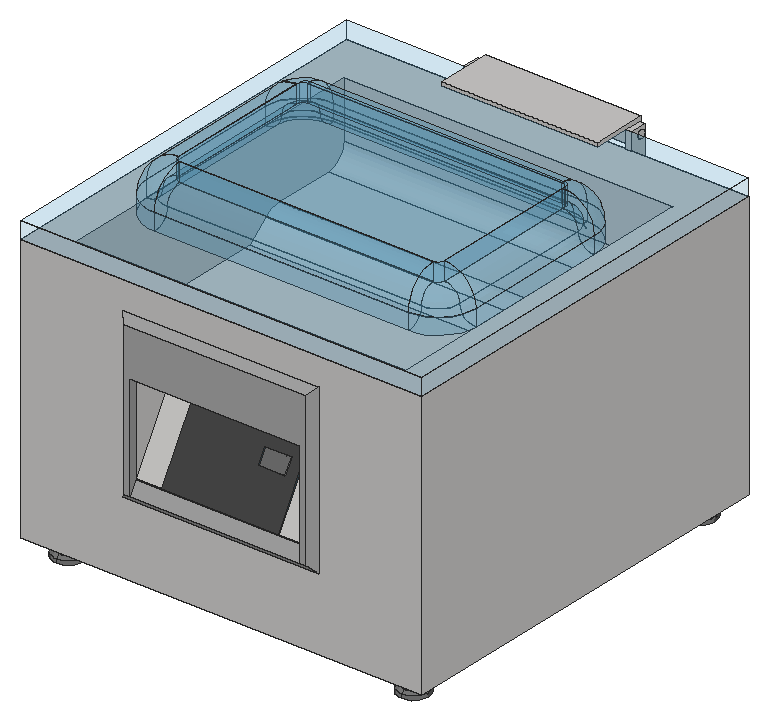
Revit family "QF_ELECTROLUXPROFESSIONAL_602213_EVP16D", category Specialty Equipment, Revit 2018
Family settings
  Round Connector Dimension = Use Diameter
  Part Type = Normal
  Work Plane-Based = No
  Always vertical = Yes
  Cut with Voids When Loaded = No
  Shared = No
  Room Calculation Point = No
Parameters (values of type "Standard")
  Weight = 61.00 kg
  Watts = 0 W
  Volts = 220 V
  URL Manufacturer = "https://www.electroluxprofessional.com/"
  URL = "https://www.electroluxprofessional.com/"
  Steam Supply Size = 0 mm
  Steam Supply Minimum Pressure = 0.0 Pa
  Steam Supply Maximum Pressure = 0.0 Pa
  Steam Pounds per Hour = 0
  Refrigeration Suction Line Size = 0.0 mm
  Refrigeration Liquid Line Size = 0.0 mm
  Refrigerant Compressor Remote = yes
  Manufacturer = "Electrolux Professional"
  Phase = 1
  Model = "EVP16D"
  Length Actual = 531.0 mm  # constant formula
  Item Number = "602213"
  Hot Water Size = 0 mm
  Height Actual = 440.0 mm  # constant formula
  HP = "1.1 HP"
  Gas Size = 0 mm
  Gas KW = 0
  Gas Input Pressure = 0 W
  Direct Waste Size = 0 mm
  Description = "VACUUM PACKER 16 M3/H, TABLE TOP, DIGITAL DISPLAY - UK PLUG"
  Depth Actual = 594.0 mm  # constant formula
  Cycle = 50 Hz
  Condensate Return Size = 0 mm
  Compressed Air Volume = 0.0 L/s
  Compressed Air Size = 0 mm
  Compressed Air Pressure = 0.0 Pa
  Cold Water Size = 0 mm
  Accessory = yes
Reference planes
  plane 1 "Center (Front/Back)": y = 0
  plane 2: z = 0
  plane 3 "Center (Left/Right)": x = 0
  plane 4 "LEFT": x = -265.5
  plane 5 "RIGHT": x = 265.5
  plane 6 "FRONT": y = -285
  plane 7 "Feet": z = 923
  plane 8 "TOP": z = 1340
  plane 9 "FeetY_Left": x = -228.5
  plane 10 "FeetX_Back": y = 232.5
  plane 11 "FeetX_Front": y = -241.5
  plane 12 "FeetY_Right": x = 228.5
  plane 13 "Cover": z = 1299
  plane 14 "PANEL": through (0, -188.368, 1191.413) normal (0, -0.8594, 0.5113)
  plane 15 "Pipe": y = 309
  plane 16 "PipeX": x = -194.407
  plane 17 "Open_MaxHeight": z = 1730
  plane 18: z = 900
  plane 19 "BACK": y = 292
Forms (mm)
  Revolve 1, solid, material "QF_Finishes_Rubber Black"
    sketch origin (-228.5, -374, 900) x (0, 1, 0) y (0, 0, 1)
      loop
        line (132.5, 0) -> (132.5, 23) -> (118.459, 23) -> (118.459, 8) -> (112.5, 5) -> (112.5, 0) -> (132.5, 0)
      axis (132.5, 23) -> (132.5, 0)
    angle from 0 to 360
  Revolve 2, solid, material "QF_Finishes_Rubber Black"
    sketch origin (228.5, 0, 900) x (0, 1, 0) y (0, 0, 1)
      loop
        line (-241.5, 0) -> (-241.5, 23) -> (-255.541, 23) -> (-255.541, 8) -> (-261.5, 5) -> (-261.5, 0) -> (-241.5, 0)
      axis (-241.5, 23) -> (-241.5, 0)
    angle from 0 to 360
  Revolve 3, solid, material "QF_Finishes_Rubber Black"
    sketch origin (-228.5, 0, 900) x (0, 1, 0) y (0, 0, 1)
      loop
        line (232.5, 0) -> (232.5, 23) -> (218.459, 23) -> (218.459, 8) -> (212.5, 5) -> (212.5, 0) -> (232.5, 0)
      axis (232.5, 23) -> (232.5, 0)
    angle from 0 to 360
  Revolve 4, solid, material "QF_Finishes_Rubber Black"
    sketch origin (228.5, 374, 900) x (0, 1, 0) y (0, 0, 1)
      loop
        line (-141.5, 0) -> (-141.5, 23) -> (-155.541, 23) -> (-155.541, 8) -> (-161.5, 5) -> (-161.5, 0) -> (-141.5, 0)
      axis (-141.5, 23) -> (-141.5, 0)
    angle from 0 to 360
  Extrusion 5, solid, material "QF_Finishes_Stainless Steel"
    sketch origin (0, 0, 0) x (1, 0, 0) y (0, 1, 0)
      loop
        line (-265.5, -275) -> (265.5, -275) -> (265.5, 266) -> (-265.5, 266) -> (-265.5, -275)
    from 923 to 1276.075
  Sweep 6, solid, material "Glass"
    path origin (-10, 20, 1299) x (-1, 0, 0) y (0, -1, 0)
      loop
        arc (158, -101.5) -> (193.355, -86.855) -> (208, -51.5) r 50
        line (208, -51.5) -> (208, 144.476)
        arc (208, 144.476) -> (193.355, 179.831) -> (158, 194.476) r 50
        line (158, 194.476) -> (-178, 194.476)
        arc (-178, 194.476) -> (-213.355, 179.831) -> (-228, 144.476) r 50
        line (-228, 144.476) -> (-228, -51.5)
        arc (-228, -51.5) -> (-213.355, -86.855) -> (-178, -101.5) r 50
        line (-178, -101.5) -> (158, -101.5)
    profile origin (0, 121.5, 1299) x (0, 1, 0) y (0, 0, 1)
      loop
        line (0.024, -22.925) -> (0.024, -0.972)
        arc (0.024, -0.972) -> (-12.266, 28.699) -> (-41.936, 40.989) r 41.96
        line (-41.936, 40.989) -> (-41.936, 16.929)
        arc (-41.936, 16.929) -> (-27.767, 11.06) -> (-21.898, -3.109) r 20.038
        arc (-21.898, -3.109) -> (-15.074, -17.594) -> (0.024, -22.925) r 20.778
  Extrusion 7, void
    sketch origin (0, 0, 0) x (0, 1, 0) y (0, 0, 1)
      loop
        line (200.533, 1276) -> (-242, 1276) -> (-242, 1201.071)
        arc (-242, 1201.071) -> (-235.996, 1186.575) -> (-221.5, 1180.571) r 20.5
        line (-221.5, 1180.571) -> (-141.413, 1180.571)
        arc (-141.413, 1180.571) -> (-130.662, 1178.578) -> (-121.339, 1172.865) r 30
        line (-121.339, 1172.865) -> (-91.502, 1146) -> (45.689, 1146) -> (72.68, 1167.284)
        arc (72.68, 1167.284) -> (82.412, 1173.787) -> (93.893, 1176.071) r 30
        line (93.893, 1176.071) -> (175.533, 1176.071)
        arc (175.533, 1176.071) -> (193.211, 1183.393) -> (200.533, 1201.071) r 25
        line (200.533, 1201.071) -> (200.533, 1276)
    from -218.024 to 218.024
  Blend 8, solid, material "QF_Finishes_Gray"
    base sketch origin (0, -285, 0) x (-1, 0, 0) y (0, 0, 1)
      loop
        line (-130, 1240.464) -> (-130, 1019) -> (130, 1019) -> (130, 1240.464) -> (-130, 1240.464)
    top sketch origin (0, -285, 0) x (-1, 0, 0) y (0, 0, 1)
      loop
        line (-120, 1230.464) -> (-120, 1029) -> (120, 1029) -> (120, 1230.464) -> (-120, 1230.464)
    from 10 to 0
  Extrusion 9, void
    sketch origin (0, 0, 21.423) x (0, 1, 0) y (0, 0, 1)
      loop
        line (-285, 1007.577) -> (-223.603, 1110.77) -> (-285, 1147.299) -> (-285, 1007.577)
    from -113 to 113
  Extrusion 10, solid, material "QF_Finishes_Stainless Steel"
    sketch origin (0, 0, 0) x (0, 1, 0) y (0, 0, 1)
      loop
        line (266, 1227.492) -> (288.413, 1227.492) -> (288.413, 1299) -> (266, 1299) -> (266, 1227.492)
    from -103 to -111
  Extrusion 11, solid, material "QF_Finishes_Stainless Steel"
    sketch origin (0, 7, 0) x (0, 1, 0) y (0, 0, 1)
      loop
        line (212.5, 1299) -> (266, 1299) -> (266, 1277.306) -> (285, 1277.306) -> (285, 1304) -> (212.5, 1304) -> (212.5, 1299)
      loop
        circle (273, 1290.774) r 5
    from -103 to 103
  Extrusion 12, solid, material "QF_Finishes_Stainless Steel"
    sketch origin (0, 7, 0) x (0, 1, 0) y (0, 0, 1)
      loop
        circle (273, 1290.774) r 5
    from 111 to 112.734
  Extrusion 13, solid, material "QF_Finishes_Stainless Steel"
    sketch origin (0, 7, 0) x (0, 1, 0) y (0, 0, -1)
      loop
        circle (273, -1290.774) r 5
    from 111 to 113.286
  Extrusion 14, solid, material "QF_Finishes_Stainless Steel"
    sketch origin (0, 0, 0) x (0, 1, 0) y (0, 0, 1)
      loop
        line (266, 1227.492) -> (288.413, 1227.492) -> (288.413, 1299) -> (266, 1299) -> (266, 1227.492)
    from 103 to 111
  Extrusion 15, solid, material "QF_Finishes_Stainless Steel"
    sketch origin (0, 285, 0) x (-1, 0, 0) y (0, 0, 1)
      loop
        circle (-235.5, 933) r 8
    from -19 to -17.4
  Sweep 16, solid, material "QF_Finishes_Stainless Steel"
    path origin (-194.407, 0, 45) x (0, -1, 0) y (0, 0, 1)
      loop
        line (-300.5, 1133.544) -> (-300.5, 1118.544)
        arc (-300.5, 1118.544) -> (-297.571, 1111.473) -> (-290.5, 1108.544) r 10
        line (-290.5, 1108.544) -> (-266, 1108.544)
    profile origin (-194.407, 300.5, 1171.044) x (-1, 0, 0) y (0, -1, 0)
      loop
        circle (0, 0) r 8.5
      loop
        circle (0, 0) r 7
  Extrusion 17, solid, material "Glass"
    sketch origin (-10, 20, 1299) x (-1, 0, 0) y (0, -1, 0)
      loop
        line (166.024, -56) -> (166.024, 144.476)
        arc (166.024, 144.476) -> (163.662, 150.178) -> (157.96, 152.54) r 8.064
        line (157.96, 152.54) -> (-177.96, 152.54)
        arc (-177.96, 152.54) -> (-183.662, 150.178) -> (-186.024, 144.476) r 8.064
        line (-186.024, 144.476) -> (-186.024, -56)
        arc (-186.024, -56) -> (-183.662, -61.702) -> (-177.96, -64.064) r 8.064
        line (-177.96, -64.064) -> (157.96, -64.064)
        arc (157.96, -64.064) -> (163.662, -61.702) -> (166.024, -56) r 8.064
    from 16.929 to 41
  Extrusion 18, solid, material "Glass"
    sketch origin (0, 0, 0) x (1, 0, 0) y (0, 1, 0)
      loop
        line (-265.5, -275) -> (265.5, -275) -> (265.5, 266) -> (-265.5, 266) -> (-265.5, -275)
    from 1299 to 1276.075
  Sweep 19, solid, material "QF_Door-Drawer Clearances", detail levels coarse
    path origin (-10, 118.477, 1488.01) x (0, -0.669131, 0.743145) y (-1, 0, 0)
      loop
        line (-106, 158) -> (-106, -178)
        arc (-106, -178) -> (-91.355, -213.355) -> (-56, -228) r 50
        line (-56, -228) -> (139.976, -228)
        arc (139.976, -228) -> (175.331, -213.355) -> (189.976, -178) r 50
        line (189.976, -178) -> (189.976, 158)
        arc (189.976, 158) -> (175.331, 193.355) -> (139.976, 208) r 50
        line (139.976, 208) -> (-56, 208)
        arc (-56, 208) -> (-91.355, 193.355) -> (-106, 158) r 50
    profile origin (0, 189.405, 1409.236) x (0, -0.669131, 0.743145) y (0, -0.743145, -0.669131)
      loop
        line (-0.024, 22.925) -> (-0.024, 0.972)
        arc (-0.024, 0.972) -> (12.266, -28.699) -> (41.936, -40.989) r 41.96
        line (41.936, -40.989) -> (41.936, -16.929)
        arc (41.936, -16.929) -> (27.767, -11.06) -> (21.898, 3.109) r 20.038
        arc (21.898, 3.109) -> (15.074, 17.594) -> (-0.024, 22.925) r 20.778
  Extrusion 20, solid, material "QF_Door-Drawer Clearances", detail levels coarse
    sketch origin (0, -860.251, 633.672) x (1, 0, 0) y (0, 0.669131, -0.743145)
      loop
        line (-265.5, -305.63) -> (265.5, -305.63) -> (265.5, 266) -> (-265.5, 266) -> (-265.5, -305.63)
    from 1299 to 1276.075
  Extrusion 21, solid, material "QF_Door-Drawer Clearances", detail levels coarse
    sketch origin (0, 0, 0) x (0, 1, 0) y (0, 0, 1)
      loop
        line (169.425, 1452.239) -> (187.305, 1467.828) -> (49.88, 1625.451) -> (32, 1609.863) -> (169.425, 1452.239)
    from -176.064 to 176.064
Cuts and joins
  Extrusion 7, Extrusion 9 cuts Extrusion 5
  Extrusion 9 cuts Blend 8
Lines and regions (mm)
  symbolic lines
    curve 1: line (265.5, -275, 1299) -> (-265.5, -275, 1299)
    curve 2: line (-120, -285, 1299) -> (-130, -275, 1299)
    curve 3: line (120, -285, 1299) -> (-120, -285, 1299)
    curve 4: line (130, -275, 1299) -> (120, -285, 1299)
    curve 5: line (265.5, 266, 1299) -> (265.5, -275, 1299)
    curve 6: line (-265.5, -275, 1299) -> (-265.5, 266, 1299)
    curve 7: line (-103, 292, 1299) -> (103, 292, 1299)
    curve 8: line (-103, 292, 1299) -> (-103, 219.5, 1299)
    curve 9: line (103, 292, 1299) -> (103, 219.5, 1299)
    curve 10: line (111, 288.413, 1299) -> (111, 266, 1299)
    curve 11: line (-265.5, 266, 1299) -> (-103, 266, 1299)
    curve 12: line (261, 267.6, 1299) -> (227.5, 267.6, 1299)
    curve 13: line (227.5, 267.6, 1299) -> (227.5, 266, 1299)
    curve 14: line (261, 267.6, 1299) -> (261, 266, 1299)
    curve 15: line (103, 219.5, 1299) -> (-103, 219.5, 1299)
    curve 16: line (103, 266, 1299) -> (265.5, 266, 1299)
    curve 17: circle (-194.407, 300.5, 1299) r 8.5 normal (0, 0, 1)
    curve 18: circle (-194.407, 300.5, 1299) r 7 normal (0, 0, -1)
    curve 19: line (-202.907, 300.5, 1299) -> (-202.907, 266, 1299)
    curve 20: line (-185.907, 300.5, 1299) -> (-185.907, 266, 1299)
    curve 21: line (-103, 288.413, 1299) -> (-111, 288.413, 1299)
    curve 22: line (-111, 288.413, 1299) -> (-111, 266, 1299)
    curve 23: arc (-168, -174.5, 1299) -> (-203.372, -159.848, 1299) -> (-218.024, -124.476, 1299) r 50.024
    curve 24: line (168, -174.5, 1299) -> (-168, -174.5, 1299)
    curve 25: arc (218.024, -124.476, 1299) -> (203.372, -159.848, 1299) -> (168, -174.5, 1299) r 50.024
    curve 26: arc (168, 121.524, 1299) -> (203.372, 106.872, 1299) -> (218.024, 71.5, 1299) r 50.024
    curve 27: line (-168, 121.524, 1299) -> (168, 121.524, 1299)
    curve 28: arc (-218.024, 71.5, 1299) -> (-203.372, 106.872, 1299) -> (-168, 121.524, 1299) r 50.024
    curve 29: line (-218.024, 71.5, 1299) -> (-218.024, -124.476, 1299)
    curve 30: line (218.024, -124.476, 1299) -> (218.024, 71.5, 1299)
    curve 31: line (103, 288.413, 1299) -> (111, 288.413, 1299)
Dimensions and locks
  plane 4 "LEFT" to plane 5 "RIGHT" = 531.0 mm
  equal spacing: plane 4 "LEFT", plane 3 "Center (Left/Right)", plane 5 "RIGHT"
  plane 1 "Center (Front/Back)" to plane 6 "FRONT" = 285.0 mm
  plane 9 "FeetY_Left" to plane 12 "FeetY_Right" = 457.0 mm
  plane 10 "FeetX_Back" to plane 11 "FeetX_Front" = 474.0 mm
  plane 10 "FeetX_Back" to plane 1 "Center (Front/Back)" to plane 11 "FeetX_Front" = 232.5 mm, 241.5 mm
  plane 6 "FRONT" to plane 15 "Pipe" = 594.0 mm
  equal spacing: plane 9 "FeetY_Left", plane 3 "Center (Left/Right)", plane 12 "FeetY_Right"
  plane 18 to level = 900.0 mm
  plane 7 "Feet" to plane 18 = 23.0 mm
  plane 17 "Open_MaxHeight" to plane 18 = 830.0 mm
  plane 8 "TOP" to plane 18 = 440.0 mm
  angle Extrusion 18 to Extrusion 20 = 48.00°
  aligned and locked: level to plane 2
  aligned and locked: plane 7 "Feet" to Extrusion 5
Automatic sketch dimensions
  Revolve 1 sketch curve to plane 18 = 0.0 mm
  Revolve 1 sketch curve to plane 7 "Feet" = 0.0 mm
  Revolve 1 sketch curve to plane 11 "FeetX_Front" = 0.0 mm  (x2)
  Revolve 1 sketch curve to plane 11 "FeetX_Front" = 14.041 mm
  plane 18 to Revolve 1 sketch curve = 5.0 mm
  Revolve 1 sketch curve to Revolve 1 sketch curve = 5.959 mm
  Revolve 1 sketch curve to Revolve 1 sketch curve = 3.0 mm
  Revolve 1 sketch curve to plane 18 = 6.921 mm
  plane 17 "Open_MaxHeight" to Revolve 1 sketch curve = 101.067 mm
  Revolve 2 sketch curve to plane 18 = 0.0 mm
  Revolve 2 sketch curve to plane 7 "Feet" = 0.0 mm
  Revolve 2 sketch curve to plane 11 "FeetX_Front" = 0.0 mm  (x2)
  Revolve 2 sketch curve to plane 11 "FeetX_Front" = 14.041 mm
  plane 18 to Revolve 2 sketch curve = 5.0 mm
  Revolve 2 sketch curve to Revolve 2 sketch curve = 5.959 mm
  Revolve 2 sketch curve to Revolve 2 sketch curve = 3.0 mm
  Revolve 2 sketch curve to plane 18 = 6.921 mm
  plane 17 "Open_MaxHeight" to Revolve 2 sketch curve = 101.067 mm
  Revolve 3 sketch curve to plane 18 = 0.0 mm
  Revolve 3 sketch curve to plane 7 "Feet" = 0.0 mm
  Revolve 3 sketch curve to plane 10 "FeetX_Back" = 0.0 mm  (x2)
  Revolve 3 sketch curve to plane 10 "FeetX_Back" = 14.041 mm
  plane 18 to Revolve 3 sketch curve = 5.0 mm
  Revolve 3 sketch curve to Revolve 3 sketch curve = 5.959 mm
  Revolve 3 sketch curve to Revolve 3 sketch curve = 3.0 mm
  Revolve 3 sketch curve to plane 18 = 6.921 mm
  plane 17 "Open_MaxHeight" to Revolve 3 sketch curve = 101.067 mm
  Revolve 4 sketch curve to plane 18 = 0.0 mm
  Revolve 4 sketch curve to plane 7 "Feet" = 0.0 mm
  Revolve 4 sketch curve to plane 10 "FeetX_Back" = 0.0 mm  (x2)
  Revolve 4 sketch curve to plane 10 "FeetX_Back" = 14.041 mm
  plane 18 to Revolve 4 sketch curve = 5.0 mm
  Revolve 4 sketch curve to Revolve 4 sketch curve = 5.959 mm
  Revolve 4 sketch curve to Revolve 4 sketch curve = 3.0 mm
  Revolve 4 sketch curve to plane 18 = 6.921 mm
  plane 17 "Open_MaxHeight" to Revolve 4 sketch curve = 101.067 mm
  Extrusion 5 sketch curve to plane 4 "LEFT" = 0.0 mm
  Extrusion 5 sketch curve to plane 5 "RIGHT" = 0.0 mm
  plane 6 "FRONT" to Extrusion 5 sketch curve = 10.0 mm
  Sweep 6 sketch curve to plane 12 "FeetY_Right" = 10.5 mm
  Sweep 6 sketch curve to plane 12 "FeetY_Right" = 60.5 mm  (x2)
  Sweep 6 sketch curve to plane 16 "PipeX" = 26.407 mm  (x2)
  plane 9 "FeetY_Left" to Sweep 6 sketch curve = 10.5 mm
  Sweep 6 sketch curve to plane 10 "FeetX_Back" = 111.0 mm
  plane 11 "FeetX_Front" to Sweep 6 sketch curve = 117.024 mm
  plane 13 "Cover" to Sweep 6 sketch curve = 0.972 mm
  profile plane to Sweep 6 sketch curve = 41.936 mm
  profile plane to Sweep 6 sketch curve = 1.141 mm
  Sweep 6 sketch curve to profile plane = 0.024 mm
  Sweep 6 sketch curve to Sweep 6 sketch curve = 1.208 mm
  Sweep 6 sketch curve to Sweep 6 sketch curve = 2.137 mm
  Sweep 6 sketch curve to Sweep 6 sketch curve = 20.745 mm
  Blend 8 sketch curve to plane 12 "FeetY_Right" = 98.5 mm
  Blend 8 sketch curve to plane 16 "PipeX" = 64.407 mm
  plane 7 "Feet" to Blend 8 sketch curve = 96.0 mm
  plane 13 "Cover" to Blend 8 sketch curve = 58.536 mm
  Blend 8 sketch curve to plane 12 "FeetY_Right" = 108.5 mm
  Blend 8 sketch curve to plane 16 "PipeX" = 74.407 mm
  plane 7 "Feet" to Blend 8 sketch curve = 106.0 mm
  plane 13 "Cover" to Blend 8 sketch curve = 68.536 mm
  plane 13 "Cover" to Extrusion 11 sketch curve = 0.0 mm
  Extrusion 11 sketch curve to Extrusion 11 sketch curve = 7.0 mm
  Extrusion 11 sketch curve to plane 10 "FeetX_Back" = 13.0 mm
  plane 13 "Cover" to Extrusion 11 sketch curve = 8.226 mm
  Extrusion 11 sketch curve to Extrusion 11 sketch curve = 13.468 mm
  Extrusion 11 sketch curve to plane 13 "Cover" = 5.0 mm
  plane 13 "Cover" to Extrusion 12 sketch curve = 8.226 mm
  plane 13 "Cover" to Extrusion 13 sketch curve = 8.226 mm
  plane 12 "FeetY_Right" to Extrusion 15 sketch curve = 7.0 mm
  plane 7 "Feet" to Extrusion 15 sketch curve = 10.0 mm
  plane 15 "Pipe" to Sweep 16 sketch curve = 8.5 mm
  plane 13 "Cover" to Sweep 16 sketch curve = 145.456 mm
  Sweep 16 sketch curve to Sweep 16 sketch curve = 15.0 mm
  Sweep 16 sketch curve to Sweep 16 sketch curve = 0.0 mm  (x2)
  Sweep 16 sketch curve to plane 16 "PipeX" = 0.0 mm
  Sweep 16 sketch curve to profile plane = 0.0 mm
  Extrusion 17 sketch curve to plane 12 "FeetY_Right" = 52.476 mm
  Extrusion 17 sketch curve to Extrusion 17 sketch curve = 8.064 mm  (x3)
  Extrusion 17 sketch curve to plane 16 "PipeX" = 26.447 mm  (x2)
  Extrusion 17 sketch curve to plane 1 "Center (Front/Back)" = 84.064 mm
  plane 11 "FeetX_Front" to Extrusion 17 sketch curve = 117.024 mm
  Extrusion 18 sketch curve to plane 4 "LEFT" = 0.0 mm
  Extrusion 18 sketch curve to plane 5 "RIGHT" = 0.0 mm
  plane 6 "FRONT" to Extrusion 18 sketch curve = 10.0 mm
  Sweep 19 sketch curve to plane 16 "PipeX" = 26.407 mm  (x2)
  Sweep 19 sketch curve to plane 12 "FeetY_Right" = 10.5 mm
  Sweep 19 sketch curve to Sweep 19 sketch curve = 50.0 mm  (x2)
  Sweep 19 sketch curve to Sweep 19 sketch curve = 195.976 mm  (x2)
  profile plane to Sweep 19 sketch curve = 0.024 mm
  Sweep 19 sketch curve to profile plane = 1.141 mm
  Sweep 19 sketch curve to profile plane = 16.929 mm
  Sweep 19 sketch curve to profile plane = 41.936 mm
  Sweep 19 sketch curve to Sweep 19 sketch curve = 24.059 mm
  Sweep 19 sketch curve to Sweep 19 sketch curve = 1.208 mm
  Sweep 19 sketch curve to Sweep 19 sketch curve = 2.137 mm
  Extrusion 20 sketch curve to plane 4 "LEFT" = 0.0 mm
  Extrusion 20 sketch curve to plane 5 "RIGHT" = 0.0 mm
  Extrusion 20 sketch curve to Extrusion 20 sketch curve = 571.63 mm
  plane 13 "Cover" to Extrusion 10 sketch curve = 0.0 mm
  Extrusion 14 sketch curve to Extrusion 14 sketch curve = 71.508 mm
  Extrusion 21 sketch curve to plane 1 "Center (Front/Back)" = 49.88 mm
  Extrusion 21 sketch curve to plane 10 "FeetX_Back" = 45.195 mm
  plane 8 "TOP" to Extrusion 21 sketch curve = 127.828 mm
  Extrusion 21 sketch curve to plane 17 "Open_MaxHeight" = 104.549 mm
  Extrusion 21 sketch curve to Extrusion 21 sketch curve = 17.88 mm
  Extrusion 10 sketch curve to Extrusion 10 sketch curve = 71.508 mm
  plane 13 "Cover" to Extrusion 14 sketch curve = 0.0 mm
  Extrusion 7 sketch curve to plane 11 "FeetX_Front" = 0.5 mm
  plane 11 "FeetX_Front" to Extrusion 7 sketch curve = 20.0 mm
  Extrusion 7 sketch curve to Extrusion 7 sketch curve = 80.087 mm
  Extrusion 7 sketch curve to Extrusion 7 sketch curve = 20.074 mm
  Extrusion 7 sketch curve to Extrusion 7 sketch curve = 29.837 mm
  Extrusion 7 sketch curve to plane 1 "Center (Front/Back)" = 45.689 mm
  Extrusion 7 sketch curve to Extrusion 7 sketch curve = 26.99 mm
  Extrusion 7 sketch curve to Extrusion 7 sketch curve = 21.213 mm  (x2)
  Extrusion 7 sketch curve to plane 10 "FeetX_Back" = 56.967 mm
  Extrusion 7 sketch curve to plane 10 "FeetX_Back" = 31.967 mm
  plane 13 "Cover" to Extrusion 7 sketch curve = 153.0 mm
  Extrusion 7 sketch curve to Extrusion 7 sketch curve = 0.071 mm
  Extrusion 7 sketch curve to Extrusion 7 sketch curve = 4.571 mm
  Extrusion 7 sketch curve to Extrusion 7 sketch curve = 22.294 mm
  plane 13 "Cover" to Extrusion 7 sketch curve = 23.0 mm
  plane 10 "FeetX_Back" to Extrusion 5 sketch curve = 33.5 mm
  plane 10 "FeetX_Back" to Extrusion 10 sketch curve = 33.5 mm
  plane 15 "Pipe" to Extrusion 10 sketch curve = 20.587 mm
  plane 15 "Pipe" to Extrusion 11 sketch curve = 36.0 mm
  plane 15 "Pipe" to Extrusion 11 sketch curve = 17.0 mm
  plane 15 "Pipe" to Extrusion 12 sketch curve = 29.0 mm
  plane 15 "Pipe" to Extrusion 13 sketch curve = 29.0 mm
  plane 10 "FeetX_Back" to Extrusion 14 sketch curve = 33.5 mm
  plane 15 "Pipe" to Extrusion 14 sketch curve = 20.587 mm
  Sweep 16 sketch curve to Sweep 16 sketch curve = 10.0 mm
  Sweep 16 sketch curve to Sweep 16 sketch curve = 24.5 mm
  plane 10 "FeetX_Back" to Extrusion 18 sketch curve = 33.5 mm
  curve 17 to curve 18 = 0.0 mm  (x2)
  curve 1 to plane 5 "RIGHT" = 0.0 mm
  curve 3 to plane 6 "FRONT" = 0.0 mm
  curve 9 to plane 19 "BACK" = 0.0 mm
  curve 17 to plane 16 "PipeX" = 0.0 mm
  curve 6 to plane 4 "LEFT" = 0.0 mm
  curve 12 to plane 5 "RIGHT" = 4.5 mm
  curve 13 to plane 12 "FeetY_Right" = 1.0 mm
  curve 30 to plane 12 "FeetY_Right" = 10.476 mm
  curve 26 to curve 26 = 50.024 mm
  curve 24 to plane 12 "FeetY_Right" = 60.5 mm
  curve 3 to plane 12 "FeetY_Right" = 108.5 mm
  curve 31 to plane 19 "BACK" = 3.587 mm
  plane 3 "Center (Left/Right)" to curve 31 = 111.0 mm
  curve 15 to plane 10 "FeetX_Back" = 13.0 mm
  curve 10 to curve 15 = 8.0 mm
  curve 7 to plane 16 "PipeX" = 91.407 mm
  curve 3 to plane 16 "PipeX" = 74.407 mm
  curve 23 to plane 16 "PipeX" = 26.407 mm
  curve 27 to plane 16 "PipeX" = 26.407 mm
  plane 9 "FeetY_Left" to curve 29 = 10.476 mm
  plane 19 "BACK" to curve 17 = 8.5 mm
  curve 12 to plane 19 "BACK" = 24.4 mm
  curve 11 to plane 19 "BACK" = 26.0 mm
  curve 12 to curve 5 = 1.6 mm
  curve 27 to plane 10 "FeetX_Back" = 110.976 mm
  plane 11 "FeetX_Front" to curve 29 = 117.024 mm
  plane 6 "FRONT" to curve 6 = 10.0 mm
  curve 4 to curve 3 = 10.0 mm
  curve 21 to curve 21 = 8.0 mm
  curve 2 to curve 2 = 10.0 mm
  plane 19 "BACK" to curve 20 = 8.5 mm
  curve 20 to plane 16 "PipeX" = 8.5 mm
  plane 19 "BACK" to curve 19 = 8.5 mm
  curve 21 to plane 19 "BACK" = 3.587 mm
  Extrusion 9 sketch curve to plane 6 "FRONT" = 0.0 mm
  Extrusion 9 sketch curve to plane 14 "PANEL" = 0.0 mm  (x2)
  plane 11 "FeetX_Front" to Extrusion 9 sketch curve = 17.897 mm
  radius of Extrusion 11 sketch curve = 5.0 mm
  radius of Extrusion 12 sketch curve = 5.0 mm
  radius of Extrusion 13 sketch curve = 5.0 mm
  radius of Extrusion 15 sketch curve = 8.0 mm
  radius of Sweep 16 sketch curve = 8.5 mm
  radius of Sweep 16 sketch curve = 7.0 mm
  radius of curve 18 = 7.0 mm
Nested families
  nested 1: "QF_EVP_PANEL" at (0.008, -249.169, 1089.223) x (1, 0, 0) z (0, -0.8594, 0.5113), type "QF_EVP_PANEL"
Connectors
  electrical at (235.5, 267.6, 933), driven by "Volts"
    settings: on Extrusion 15, index 1, voltage 220 V, apparent load 0 VA, apparent load phase1 0 VA, apparent load phase2 0 VA, apparent load phase3 0 VA, power factor 1, load classification "Other", number of poles 1, system type 30, power factor state 1, is connector primary yes, connector utility no, sub classification motor no, connector description "Electrical Connection"
  piping at (-194.407, 300.5, 1178.544), diameter 17
    settings: on Sweep 16, index 2, connector inside diameter 609.6 mm, connector length 0.0 mm, flow factor 0, pipe flow 0.0 L/s, pressure drop 0.0 Pa, fitting loss kfactor 0, connector angle 0.00°, fixture units 0, engagement length 0.0 mm, angle of deflection 0.00°, flow configuration 1, flow direction 1, fitting loss method 0, system type 22, joint type 0, gender type 0, connector reference index -1, connector utility 0, adjustable connector no, is connector primary yes, connector description "Inert Gas Connection"
Definition of nested family "QF_EVP_PANEL"
  Parameters
    Default Elevation = 1219.2 mm
  Reference planes
    plane 1 "Center (Front/Back)": y = 0
    plane 2: z = 0
    plane 3 "Center (Left/Right)": x = 0
    plane 4: y = 50
    plane 5: y = -50
    plane 6: x = -77
    plane 7: x = 77
  Forms (mm)
    Extrusion 1, solid
      sketch origin (0, 0, 0) x (1, 0, 0) y (0, 1, 0)
        loop
          line (-1219.2, 1219.2) -> (-1219.2, -1219.2) -> (1219.2, -1219.2) -> (1219.2, 1219.2) -> (-1219.2, 1219.2)
      from 0 to -304.8
    Extrusion 2, solid
      sketch origin (0, 0, 0) x (1, 0, 0) y (0, 1, 0)
        loop
          line (26.572, 30) -> (26.572, 10) -> (61.572, 10) -> (61.572, 30) -> (26.572, 30)
        loop
          line (77, 50) -> (-77, 50) -> (-77, -50) -> (77, -50) -> (77, 50)
      from 0 to 1.6
    Extrusion 3, solid
      sketch origin (0, 0, 0) x (1, 0, 0) y (0, 1, 0)
        loop
          line (26.572, 30) -> (26.572, 10) -> (61.572, 10) -> (61.572, 30) -> (26.572, 30)
      from 0 to 1.6
  Dimensions and locks
    plane 6 to plane 7 = 154.0 mm
    plane 4 to plane 5 = 100.0 mm
    aligned and locked: plane 2 to Extrusion 1
    aligned and locked: level to Extrusion 1
